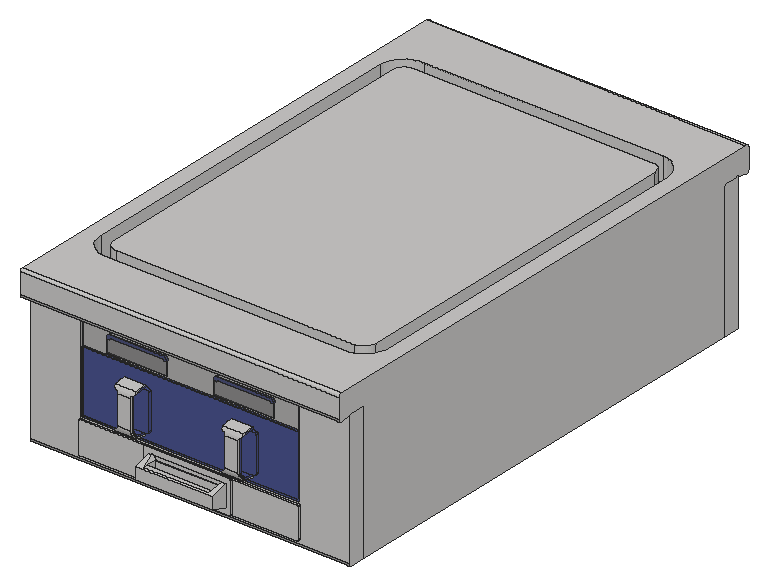
Revit family "QF_ELECTROLUXPROFESSIONAL_588322_MATAAAEOAO", category Specialty Equipment, Revit 2018
Family settings
  Round Connector Dimension = Use Diameter
  Part Type = Normal
  Work Plane-Based = No
  Always vertical = Yes
  Cut with Voids When Loaded = No
  Shared = No
  Room Calculation Point = No
Parameters
  Weight in Pounds = 165.347
  Watts = 6000 VA  # 6000 W
  Volts = 400 V  # constant formula
  URL Cutsheet = ""
  Type Mark [instance] = ""
  Status [instance] = ""
  Specification by User [instance] = ""
  Specification by Manufacturer = ""
  Show Clearance [instance] = yes
  Serial Number = ""
  Seismic Rating = ""
  SMACNA No = ""
  Revision Code [instance] = ""
  Phase = 3  # constant formula
  Omniclass Number and Title = ""
  Number of Poles [instance] = 1
  NAFEM Spec ID Number = ""
  Model = "588322"
  Min Ckt Ampacity = 0 A
  Max Overcurrent Protection = 0 A
  Masterspec = ""
  Manufacturer = "ELECTROLUX"
  Item Number [instance] = ""
  Installed By [instance] = ""
  Identify Quantity as Lot [instance] = yes
  HP = "8 HP"
  Furnished By [instance] = ""
  Foodservice Equipment Identifier [instance] = yes
  FL Amps [instance] = if(Phase = 3, Watts / (Volts * 1.73), Watts / Volts)  # 8.67052 A
  Electrical Remarks = "400 V/3N ph/50/60 Hz"  # constant formula
  Electric Connection Type [instance] = ""
  Elec Conn RI Height [instance] = 0 mm
  Elec Conn Connection Height [instance] = 0 mm
  Direct Waste Size = 0"
  Description = "EL.FREE COOKING TOP,1-SIDE,500X800X250H"
  Cycle [instance] = if([60 Hertz Option], 60 Hz, 50 Hz)  # 60 Hz
  Conn Plug = ""
  Conn Conduit = yes
  CSI MasterFormat = ""
  CSI Master Format = ""
  Back Panel [instance] = yes
  Apparent Power [instance] = if(Phase = 3, Volts * FL Amps * 1.73, Volts * FL Amps)  # 6000 VA
  60 Hertz Option [instance] = not([50 Hertz Option])  # yes
  50 Hertz Option [instance] = no
Reference planes
  plane 1 "BACK": y = 0
  plane 2: z = 0
  plane 3 "LEFT": x = 0
  plane 4 "RIGHT": x = 500
  plane 5 "FRONT": y = -800
  plane 6 "TOP": z = 250
  plane 7: x = 250
  plane 8: y = -400
  plane 9: z = 582.185
  plane 10: y = -1230
  plane 11: x = 455
Forms (mm)
  Extrusion 1, solid, material "QF_Finishes_Stainless Steel"
    sketch origin (0, -487.128, 0) x (0, 1, 0) y (0, 0, 1)
      loop
        line (483.128, 250) -> (-308.872, 250)
        arc (-308.872, 250) -> (-311.7, 248.828) -> (-312.872, 246) r 4
        line (-312.872, 246) -> (-312.872, 214)
        arc (-312.872, 214) -> (-311.437, 210.931) -> (-308.161, 210.064) r 4
        line (-308.161, 210.064) -> (-292.872, 213) -> (-267.872, 213) -> (-267.872, 0) -> (441.128, 0) -> (441.128, 213) -> (465.765, 213) -> (482.433, 210.061)
        arc (482.433, 210.061) -> (485.699, 210.936) -> (487.128, 214) r 4
        line (487.128, 214) -> (487.128, 246)
        arc (487.128, 246) -> (485.956, 248.828) -> (483.128, 250) r 4
    from 0 to 500
  Extrusion 2, solid, material "QF_Finishes_Stainless Steel", visible <- "Back Panel"
    sketch origin (0, 0, 0) x (0, 1, 0) y (0, 0, 1)
      loop
        line (-46, 0) -> (-20, 0) -> (-20, 215)
        arc (-20, 215) -> (-20.586, 213.586) -> (-22, 213) r 2
        line (-22, 213) -> (-46, 213) -> (-46, 0)
    from 0 to 500
  Extrusion 3, void
    sketch origin (653.786, 44.048, 250) x (1, 0, 0) y (0, -1, 0)
      loop
        line (-590.636, 133.048) -> (-216.936, 133.048)
        arc (-216.936, 133.048) -> (-189.96, 144.222) -> (-178.786, 171.198) r 38.15
        line (-178.786, 171.198) -> (-178.786, 716.572)
        arc (-178.786, 716.572) -> (-190.056, 743.779) -> (-217.263, 755.048) r 38.476
        line (-217.263, 755.048) -> (-591.786, 755.048)
        arc (-591.786, 755.048) -> (-617.949, 744.211) -> (-628.786, 718.048) r 37
        line (-628.786, 718.048) -> (-628.786, 171.198)
        arc (-628.786, 171.198) -> (-617.613, 144.222) -> (-590.636, 133.048) r 38.15
    from 0 to 37
  Extrusion 4, solid, material "QF_Finishes_Stainless Steel"
    sketch origin (0, -655, 0) x (1, 0, 0) y (0, -1, 0)
      loop
        circle (455, -70) r 6.35
    from 0 to 3.2
  Extrusion 5, solid, material "QF_Door-Drawer Clearances", visible <- "Show Clearance", detail levels coarse
    sketch origin (287.31, -782.593, 8.62) x (0, 0, 1) y (-1, 0, 0)
      loop
        line (1.973, -134.295) -> (49.317, -134.295)
        arc (49.317, -134.295) -> (50.776, -133.691) -> (51.38, -132.232) r 2.063
        line (51.38, -132.232) -> (51.38, 206.852)
        arc (51.38, 206.852) -> (50.88, 208.549) -> (49.541, 209.705) r 3.133
        line (49.541, 209.705) -> (3.067, 209.705)
        arc (3.067, 209.705) -> (0.898, 208.807) -> (0, 206.638) r 3.067
        line (0, 206.638) -> (0, -132.322)
        arc (0, -132.322) -> (0.578, -133.717) -> (1.973, -134.295) r 1.973
    from 0 to 447.407
  Extrusion 6, solid, material "QF_Finishes_Stainless Steel"
    sketch origin (653.786, 44.048, 213) x (1, 0, 0) y (0, 1, 0)
      loop
        line (-608.786, -171.198) -> (-608.786, -716.898)
        arc (-608.786, -716.898) -> (-603.47, -729.732) -> (-590.636, -735.048) r 18.15
        line (-590.636, -735.048) -> (-216.936, -735.048)
        arc (-216.936, -735.048) -> (-204.102, -729.732) -> (-198.786, -716.898) r 18.15
        line (-198.786, -716.898) -> (-198.786, -171.198)
        arc (-198.786, -171.198) -> (-204.102, -158.364) -> (-216.936, -153.048) r 18.15
        line (-216.936, -153.048) -> (-590.636, -153.048)
        arc (-590.636, -153.048) -> (-603.47, -158.364) -> (-608.786, -171.198) r 18.15
    from 0 to 37
Cuts and joins
  Extrusion 3 cuts Extrusion 1
Lines and regions (mm)
  symbolic lines
    curve 1: line (25, -674, 0) -> (25, -127.15, 0)
    curve 2: arc (25, -127.15, 0) -> (36.174, -100.174, 0) -> (63.15, -89, 0) r 38.15
    curve 3: line (63.15, -89, 0) -> (436.85, -89, 0)
    curve 4: arc (436.85, -89, 0) -> (463.826, -100.174, 0) -> (475, -127.15, 0) r 38.15
    curve 5: line (475, -127.15, 0) -> (475, -672.524, 0)
    curve 6: arc (475, -672.524, 0) -> (463.731, -699.731, 0) -> (436.524, -711, 0) r 38.476
    curve 7: line (436.524, -711, 0) -> (62, -711, 0)
    curve 8: arc (62, -711, 0) -> (35.837, -700.163, 0) -> (25, -674, 0) r 37
    curve 9: line (0, 0, 0) -> (500, 0, 0)
    curve 10: line (0, -800, 0) -> (0, 0, 0)
    curve 11: line (500, -800, 0) -> (0, -800, 0)
    curve 12: line (500, 0, 0) -> (500, -800, 0)
  symbolic lines, style "QF_Door-Drawer Clearances"
    curve 13: line (77.605, -1230, 0) -> (77.605, -800, 0)
    curve 14: line (77.605, -1230, 0) -> (421.605, -1230, 0)
    curve 15: line (421.605, -1230, 0) -> (421.605, -800, 0)
  symbolic lines, style "SpecialityEquipment"
    curve 16: line (455, -672.85, 0) -> (455, -127.15, 0)
    curve 17: arc (455, -127.15, 0) -> (449.684, -114.316, 0) -> (436.85, -109, 0) r 18.15
    curve 18: line (436.85, -109, 0) -> (63.15, -109, 0)
    curve 19: arc (63.15, -109, 0) -> (50.316, -114.316, 0) -> (45, -127.15, 0) r 18.15
    curve 20: line (45, -127.15, 0) -> (45, -672.85, 0)
    curve 21: arc (45, -672.85, 0) -> (50.316, -685.684, 0) -> (63.15, -691, 0) r 18.15
    curve 22: line (63.15, -691, 0) -> (436.85, -691, 0)
    curve 23: arc (436.85, -691, 0) -> (449.684, -685.684, 0) -> (455, -672.85, 0) r 18.15
Dimensions and locks
  plane 3 "LEFT" to plane 4 "RIGHT" = 500 mm
  plane 5 "FRONT" to plane 1 "BACK" = 800 mm
  equal spacing: plane 3 "LEFT", plane 7, plane 4 "RIGHT"
  equal spacing: plane 5 "FRONT", plane 8, plane 1 "BACK"
  plane 6 "TOP" to level = 250 mm  (x2)
  plane 1 "BACK" to plane 5 "FRONT" = 800 mm
  Extrusion 4 sketch curve to plane 1 "BACK" = 585 mm
  Extrusion 4 sketch curve to plane 4 "RIGHT" = 45 mm
  plane 5 "FRONT" to plane 10 = 430 mm
  plane 1 "BACK" to Extrusion 4 = 585 mm
  plane 11 to plane 4 "RIGHT" = 45 mm
  aligned and locked: level to plane 2
  aligned and locked: plane 7 to nested 1
  aligned and locked: Extrusion 5 to plane 10
  aligned and locked: Extrusion 1 to plane 4 "RIGHT"
Automatic sketch dimensions
  Extrusion 2 sketch curve to Extrusion 2 sketch curve = 26 mm
  plane 1 "BACK" to Extrusion 2 sketch curve = 22 mm
  Extrusion 2 sketch curve to Extrusion 2 sketch curve = 2 mm
  level to Extrusion 2 sketch curve = 213 mm
  Extrusion 1 sketch curve to plane 5 "FRONT" = 0 mm
  Extrusion 1 sketch curve to plane 6 "TOP" = 0 mm
  Extrusion 1 sketch curve to level = 0 mm
  Extrusion 1 sketch curve to plane 1 "BACK" = 0 mm
  Extrusion 1 sketch curve to plane 6 "TOP" = 37 mm  (x2)
  Extrusion 1 sketch curve to plane 5 "FRONT" = 4 mm
  Extrusion 1 sketch curve to plane 5 "FRONT" = 20 mm
  Extrusion 1 sketch curve to plane 5 "FRONT" = 45 mm
  plane 1 "BACK" to Extrusion 1 sketch curve = 21.363 mm
  plane 1 "BACK" to Extrusion 1 sketch curve = 4 mm  (x2)
  Extrusion 1 sketch curve to Extrusion 1 sketch curve = 4 mm
  Extrusion 1 sketch curve to Extrusion 1 sketch curve = 0.711 mm
  plane 1 "BACK" to Extrusion 1 sketch curve = 4.695 mm
  Extrusion 1 sketch curve to Extrusion 1 sketch curve = 0 mm  (x2)
  Extrusion 1 sketch curve to Extrusion 1 sketch curve = 1 mm  (x2)
  plane 1 "BACK" to Extrusion 1 sketch curve = 46 mm
  Extrusion 5 sketch curve to nested 1 = 1.973 mm
  Extrusion 5 sketch curve to nested 1 = 2.853 mm
  Extrusion 5 sketch curve to nested 1 = 1.839 mm
  Extrusion 1 to Extrusion 3 sketch curve = 25 mm  (x2)
  Extrusion 1 to Extrusion 3 sketch curve = 85 mm
  Extrusion 3 sketch curve to Extrusion 3 sketch curve = 37 mm
  Extrusion 3 sketch curve to Extrusion 3 sketch curve = 38.15 mm
  Extrusion 1 to Extrusion 3 sketch curve = 63.476 mm
  Extrusion 1 to Extrusion 3 sketch curve = 63.15 mm
  Extrusion 1 to Extrusion 3 sketch curve = 123.15 mm
  Extrusion 6 sketch curve to Extrusion 3 = 20 mm  (x3)
  Extrusion 6 sketch curve to Extrusion 3 = 38.15 mm  (x5)
  curve 2 to curve 19 = 0 mm  (x2)
  curve 4 to curve 17 = 0 mm  (x2)
  plane 1 "BACK" to curve 9 = 0 mm
  curve 9 to plane 4 "RIGHT" = 0 mm
  curve 14 to plane 10 = 0 mm
  curve 10 to plane 3 "LEFT" = 0 mm
  plane 5 "FRONT" to curve 10 = 0 mm
  plane 4 "RIGHT" to curve 5 = 25 mm
  curve 4 to curve 16 = 20 mm
  curve 16 to curve 18 = 18.15 mm
  curve 16 to curve 22 = 18.15 mm
  curve 23 to curve 7 = 0.326 mm
  plane 4 "RIGHT" to curve 14 = 78.395 mm
  plane 3 "LEFT" to curve 3 = 63.15 mm
  plane 3 "LEFT" to curve 22 = 63.15 mm
  curve 21 to curve 7 = 1.15 mm
  curve 2 to curve 20 = 18.15 mm
  plane 3 "LEFT" to curve 14 = 77.605 mm
  plane 1 "BACK" to curve 3 = 89 mm
  curve 5 to plane 5 "FRONT" = 127.476 mm
  curve 20 to curve 8 = 1.15 mm
  Extrusion 2 sketch curve to level = 0 mm
  radius of Extrusion 4 sketch curve = 6.35 mm
  radius of Extrusion 5 sketch curve to nested 1 = 0 mm  (x2)
Nested families
  nested 1: "EG_800_500_Double Front Panel with Center Grease Trap" at (202.376, -755, -650), type "EG_800_500_Double Front Panel with Center Grease Trap"
Connectors
  electrical at (455, -585, -3.2), driven by "Volts", driven by "Watts"
    settings: on Extrusion 4, index 1, voltage 400 V, apparent load 6000 VA, apparent load phase1 0 VA, apparent load phase2 0 VA, apparent load phase3 0 VA, power factor 1, load classification "Other", number of poles 1, system type 30, power factor state 1, is connector primary yes, connector utility no, sub classification motor no, connector description "ELECTRICAL CONNECTION"
Definition of nested family "EG_800_500_Double Front Panel with Center Grease Trap"
  Reference planes
    plane 1 "Center (Front/Back)": y = 0
    plane 2: z = 0
    plane 3 "Center (Left/Right)": x = 47.624
    plane 4: x = -202.376
    plane 5: x = 297.624
    plane 6: y = -45
  Forms (mm)
    Extrusion 1, solid
      sketch origin (833.217, 829.203, -1.25) x (0, 1, 0) y (0, 0, 1)
        loop
          arc (-854.203, 654.25) -> (-853.324, 652.129) -> (-851.203, 651.25) r 3
          line (-851.203, 651.25) -> (-829.203, 651.25) -> (-829.203, 864.25) -> (-854.203, 864.25) -> (-854.203, 654.25)
      from -1035.593 to -535.593
    Extrusion 2, void
      sketch origin (33.217, 829.203, -1.25) x (1, 0, 0) y (0, 0, 1)
        loop
          line (-157.593, 855.116) -> (-157.593, 713.116) -> (186.407, 713.116) -> (186.407, 855.116) -> (-157.593, 855.116)
      from 848.59 to 854.203
  Cuts and joins
    Extrusion 2 cuts Extrusion 1
  Dimensions and locks
    equal spacing: plane 5, plane 3 "Center (Left/Right)", plane 4
    plane 5 to plane 4 = 500 mm
    equal spacing: nested 4, nested 2, nested 1
    aligned and locked: cut or joined group of Extrusion 1, Extrusion 2 to plane 4
    aligned and locked: plane 5 to cut or joined group of Extrusion 1, Extrusion 2
    aligned and locked: plane 3 "Center (Left/Right)" to nested 2
    aligned and locked: cut or joined group of Extrusion 1, Extrusion 2 to nested 2
    aligned and locked: plane 3 "Center (Left/Right)" to nested 3
  Automatic sketch dimensions
    Extrusion 1 sketch curve to plane 1 "Center (Front/Back)" = 0 mm
    plane 1 "Center (Front/Back)" to Extrusion 1 sketch curve = 22 mm
    Extrusion 1 sketch curve to Extrusion 1 sketch curve = 3 mm
    level to Extrusion 1 sketch curve = 650 mm
    Extrusion 1 sketch curve to Extrusion 1 sketch curve = 210 mm
    plane 4 to Extrusion 2 sketch curve = 78 mm
    Extrusion 2 sketch curve to plane 5 = 78 mm
    level to Extrusion 2 sketch curve = 711.866 mm
    Extrusion 2 sketch curve to Extrusion 2 sketch curve = 142 mm
  Nested families
    nested 1: "Range Control Handle" at (-36.126, -28.137, -209.113) x (-1, 0, 0) z (0, 0, 1), type "Range Control Handle"
    nested 2: "glass conrol panel" at (47.624, 280.644, 2.752), type "glass conrol panel"
    nested 3: "grease trap door" at (115.223, -25, 0.608) x (-1, 0, 0) z (0, 0, 1), type "grease trap door"
    nested 4: "Range Control Handle" at (131.374, -28.137, -209.113), type "Range Control Handle"
  Definition of nested family "Range Control Handle"
    Reference planes
      plane 1 "Center (Front/Back)": y = 0
      plane 2: z = 0
      plane 3 "Center (Left/Right)": x = 0
      plane 4: z = 971.092
      plane 5: y = -16.9
    Forms (mm)
      Extrusion 1, solid
        sketch origin (-746.28, 380.497, 208.931) x (-1, 0, 0) y (0, 0, 1)
          loop
            line (-770.101, 786.798) -> (-770.101, 731.649)
            arc (-770.101, 731.649) -> (-769.759, 730.563) -> (-768.855, 729.87) r 1.893
            line (-768.855, 729.87) -> (-763.474, 727.911) -> (-729.81, 727.911) -> (-724.428, 729.87)
            arc (-724.428, 729.87) -> (-723.525, 730.563) -> (-723.183, 731.649) r 1.893
            line (-723.183, 731.649) -> (-723.183, 786.798)
            arc (-723.183, 786.798) -> (-723.529, 787.894) -> (-724.44, 788.593) r 1.91
            line (-724.44, 788.593) -> (-729.683, 790.819) -> (-763.601, 790.819) -> (-768.844, 788.593)
            arc (-768.844, 788.593) -> (-769.755, 787.894) -> (-770.101, 786.798) r 1.91
        from -382.35 to -378.852
      Sweep 2, solid
        path origin (-746.788, 380.496, 208.091) x (0, -1, 0) y (0, 0, 1)
          loop
            line (379.775, 793.281) -> (395.661, 791.048)
            arc (395.661, 791.048) -> (397.781, 787.377) -> (398.517, 783.202) r 12.207
            line (398.517, 783.202) -> (398.517, 737.368)
            arc (398.517, 737.368) -> (397.781, 733.193) -> (395.661, 729.522) r 12.207
            line (395.661, 729.522) -> (379.775, 727.289)
        profile origin (-746.788, -7.222, 1000.256) x (0, -0.139173, 0.990268) y (-1, 0, 0)
          loop
            line (0.782, -763.123) -> (0.782, -730.907) -> (-1.322, -730.907) -> (-1.322, -763.123) -> (0.782, -763.123)
      Sweep 3, solid
        path origin (-746.788, 380.715, 207.832) x (0, -1, 0) y (0, 0, 1)
          loop
            line (380.478, 795.442) -> (397.218, 793.09)
            arc (397.218, 793.09) -> (399.929, 788.473) -> (400.871, 783.202) r 15.207
            line (400.871, 783.202) -> (400.871, 737.584)
            arc (400.871, 737.584) -> (399.914, 732.274) -> (397.164, 727.633) r 15.207
            line (397.164, 727.633) -> (380.601, 725.305)
        profile origin (-746.788, -8.132, 1002.099) x (0, -0.139173, 0.990268) y (-1, 0, 0)
          loop
            line (0.782, -763.123) -> (0.782, -730.907) -> (-1.322, -730.907) -> (-1.322, -763.123) -> (0.782, -763.123)
      Extrusion 4, void
        sketch origin (889.253, 220.666, 207.993) x (1, 0, 0) y (0, 0, 1)
          loop
            line (-943.038, 816.854) -> (-943.038, 703.686) -> (-899.466, 734.196) -> (-899.466, 786.344) -> (-943.038, 816.854)
        from 230.636 to 242.25
      Extrusion 5, void
        sketch origin (-888.8, 220.666, 207.993) x (-1, 0, 0) y (0, 0, -1)
          loop
            line (-943.038, -816.854) -> (-899.466, -786.344) -> (-899.466, -734.196) -> (-943.038, -703.686) -> (-943.038, -816.854)
        from 230.636 to 242.25
      Extrusion 6, solid
        sketch origin (0, 0, 0) x (1, 0, 0) y (0, 0, 1)
          loop
            circle (0, 971.092) r 7.736
        from -3.137 to -1.645
    Cuts and joins
      Extrusion 4, Extrusion 5 cuts Sweep 3
      Extrusion 4, Extrusion 5 cuts Sweep 2
      joined: Extrusion 1, Extrusion 6
    Lines and regions (mm)
      symbolic lines
        curve 1: line (16.334, -16.9, 0) -> (16.334, -19.227, 0)
        curve 2: spline (16.334, -19.227, 0) -> (15.87, -19.385, 0) -> (15.404, -19.536, 0) -> (14.936, -19.678, 0) -> (14.466, -19.813, 0) -> (13.995, -19.94, 0) -> (13.523, -20.059, 0) -> (13.049, -20.171, 0) -> (12.575, -20.274, 0) -> (12.099, -20.37, 0) -> (11.622, -20.458, 0) -> (11.144, -20.537, 0) -> (10.666, -20.609, 0)
        curve 3: line (10.666, -16.9, 0) -> (10.666, -20.938, 0)
        curve 4: line (-10.213, -20.938, 0) -> (10.666, -20.938, 0)
        curve 5: line (-10.213, -20.938, 0) -> (-10.213, -16.9, 0)
        curve 6: spline (-10.213, -20.609, 0) -> (-10.691, -20.537, 0) -> (-11.169, -20.458, 0) -> (-11.646, -20.37, 0) -> (-12.122, -20.274, 0) -> (-12.597, -20.171, 0) -> (-13.07, -20.059, 0) -> (-13.542, -19.94, 0) -> (-14.013, -19.813, 0) -> (-14.483, -19.678, 0) -> (-14.951, -19.536, 0) -> (-15.417, -19.385, 0) -> (-15.881, -19.227, 0)
        curve 7: line (-15.881, -19.227, 0) -> (-15.881, -16.9, 0)
  Definition of nested family "glass conrol panel"
    Reference planes
      plane 1 "Center (Front/Back)": y = 0
      plane 2: z = 0
      plane 3 "Center (Left/Right)": x = 0
    Forms (mm)
      Extrusion 1, solid
        sketch origin (378.286, 0, 0.617) x (1, 0, 0) y (0, 0, 1)
          loop
            line (-550.286, 806.791) -> (-550.286, 708.497) -> (-206.286, 708.497) -> (-206.286, 806.791) -> (-550.286, 806.791)
        from 300.031 to 304.8
      Extrusion 2, solid
        sketch origin (378.286, 0, 0.617) x (1, 0, 0) y (0, 0, 1)
          loop
            line (-550.286, 850.497) -> (-550.286, 806.791) -> (-206.286, 806.791) -> (-206.286, 850.497) -> (-550.286, 850.497)
        from 300.031 to 304.8
      Extrusion 3, void
        sketch origin (378.286, 0, 0.617) x (1, 0, 0) y (0, 0, 1)
          loop
            line (-547.628, 847.565) -> (-547.628, 710.699) -> (-209.196, 710.699) -> (-209.196, 847.565) -> (-547.628, 847.565)
        from 303.697 to 304.8
      Extrusion 4, solid
        sketch origin (-392.059, 1.101, -0.633) x (-1, 0, 0) y (0, 0, -1)
          loop
            line (-261.431, -812.62) -> (-355.186, -812.62) -> (-355.186, -834.177) -> (-350.269, -834.177) -> (-348.469, -835.977) -> (-268.039, -835.977) -> (-266.24, -834.177) -> (-261.431, -834.177) -> (-261.431, -812.62)
        from 304.798 to 306.745
      Extrusion 5, solid
        sketch origin (-392.059, 1.101, -0.633) x (-1, 0, 0) y (0, 0, -1)
          loop
            line (-350.269, -834.177) -> (-355.078, -834.177)
            arc (-355.078, -834.177) -> (-353.942, -838.747) -> (-349.686, -840.763) r 5.5
            line (-349.686, -840.763) -> (-266.98, -840.763)
            arc (-266.98, -840.763) -> (-262.706, -838.752) -> (-261.529, -834.177) r 5.549
            line (-261.529, -834.177) -> (-266.24, -834.177) -> (-268.039, -835.977) -> (-348.469, -835.977) -> (-350.269, -834.177)
        from 304.798 to 306.745
      Extrusion 6, solid
        sketch origin (392.059, 1.101, -0.633) x (1, 0, 0) y (0, 0, 1)
          loop
            line (-261.431, 812.62) -> (-261.431, 834.177) -> (-266.24, 834.177) -> (-268.039, 835.977) -> (-348.469, 835.977) -> (-350.269, 834.177) -> (-355.186, 834.177) -> (-355.186, 812.62) -> (-261.431, 812.62)
        from 304.798 to 306.745
      Extrusion 7, solid
        sketch origin (392.059, 1.101, -0.633) x (1, 0, 0) y (0, 0, 1)
          loop
            line (-350.269, 834.177) -> (-348.469, 835.977) -> (-268.039, 835.977) -> (-266.24, 834.177) -> (-261.529, 834.177)
            arc (-261.529, 834.177) -> (-262.706, 838.752) -> (-266.98, 840.763) r 5.549
            line (-266.98, 840.763) -> (-349.686, 840.763)
            arc (-349.686, 840.763) -> (-353.942, 838.747) -> (-355.078, 834.177) r 5.5
            line (-355.078, 834.177) -> (-350.269, 834.177)
        from 304.798 to 306.745
    Cuts and joins
      Extrusion 3 cuts Extrusion 1
      Extrusion 3 cuts Extrusion 2
    Dimensions and locks
      aligned and locked: Extrusion 1 to Extrusion 2
      aligned and locked: Extrusion 5 sketch curve to Extrusion 4  (x5)
      aligned and locked: Extrusion 5 to Extrusion 4
      aligned and locked: Extrusion 7 sketch curve to Extrusion 6  (x4)
      aligned and locked: Extrusion 6 to Extrusion 7 sketch curve
      aligned and locked: Extrusion 7 to Extrusion 6
  Definition of nested family "grease trap door"
    Reference planes
      plane 1 "Center (Front/Back)": y = 0
      plane 2: z = 0
      plane 3 "Center (Left/Right)": x = 0
      plane 4: y = -20
    Forms (mm)
      Extrusion 1, solid
        sketch origin (1627.55, 854.203, -1.25) x (1, 0, 0) y (0, 0, 1)
          loop
            arc (-1627.55, 661.235) -> (-1626.972, 659.84) -> (-1625.577, 659.262) r 1.973
            line (-1625.577, 659.262) -> (-1494.325, 659.262)
            arc (-1494.325, 659.262) -> (-1492.156, 660.16) -> (-1491.258, 662.329) r 3.067
            line (-1491.258, 662.329) -> (-1491.258, 708.803)
            arc (-1491.258, 708.803) -> (-1492.414, 710.143) -> (-1494.111, 710.642) r 3.133
            line (-1494.111, 710.642) -> (-1625.486, 710.642)
            arc (-1625.486, 710.642) -> (-1626.945, 710.038) -> (-1627.55, 708.579) r 2.063
            line (-1627.55, 708.579) -> (-1627.55, 661.235)
        from 856.795 to 859.203
      Extrusion 2, solid
        sketch origin (445.874, 2476.61, 0) x (0, 1, 0) y (0, 0, 1)
          loop
            line (-2506.377, 675.273) -> (-2481.61, 667.505) -> (-2481.61, 700.995) -> (-2506.377, 693.227) -> (-2506.377, 675.273)
        from -437.68 to -317.68
      Extrusion 3, void
        sketch origin (1627.55, 854.203, -1.25) x (1, 0, 0) y (0, 0, 1)
          loop
            line (-1614.883, 703) -> (-1610.542, 695.433) -> (-1508.17, 695.433) -> (-1503.828, 703) -> (-1614.883, 703)
          loop
            line (-1614.883, 668) -> (-1502.669, 668) -> (-1507.01, 675.567) -> (-1610.542, 675.567) -> (-1614.883, 668)
        from 832.916 to 883.97
      Extrusion 4, void
        sketch origin (447.55, 854.203, -1.25) x (1, 0, 0) y (0, 0, 1)
          loop
            line (-430.542, 695.433) -> (-430.542, 675.567) -> (-328.17, 675.567) -> (-328.17, 695.433) -> (-430.542, 695.433)
        from 859.203 to 874.202
      Extrusion 5, solid
        sketch origin (1627.55, 854.203, -1.25) x (1, 0, 0) y (0, 0, 1)
          loop
            arc (-1731.556, 661.235) -> (-1730.978, 659.84) -> (-1729.583, 659.262) r 1.973
            line (-1729.583, 659.262) -> (-1390.623, 659.262)
            arc (-1390.623, 659.262) -> (-1388.454, 660.16) -> (-1387.556, 662.329) r 3.067
            line (-1387.556, 662.329) -> (-1387.556, 708.803)
            arc (-1387.556, 708.803) -> (-1388.712, 710.143) -> (-1390.409, 710.642) r 3.133
            line (-1390.409, 710.642) -> (-1729.493, 710.642)
            arc (-1729.493, 710.642) -> (-1730.952, 710.038) -> (-1731.556, 708.579) r 2.063
            line (-1731.556, 708.579) -> (-1731.556, 661.235)
        from 854.203 to 856.795
    Cuts and joins
      Extrusion 3 cuts Extrusion 1
      Extrusion 3, Extrusion 4 cuts Extrusion 2
      joined: Extrusion 1, Extrusion 2
    Lines and regions (mm)
      model lines
        curve 1: line (67.599, 0, 658.012) -> (67.599, 0, 709.392)
      symbolic lines
        curve 2: line (8.194, -20, 0) -> (8.194, -29.767, 0)
        curve 3: line (8.194, -29.767, 0) -> (128.194, -29.767, 0)
        curve 4: line (128.194, -29.767, 0) -> (128.194, -20, 0)
    Dimensions and locks
      aligned and locked: Extrusion 2 to Extrusion 1
      aligned and locked: Extrusion 3 to Extrusion 2
      aligned and locked: Extrusion 4 to Extrusion 1
